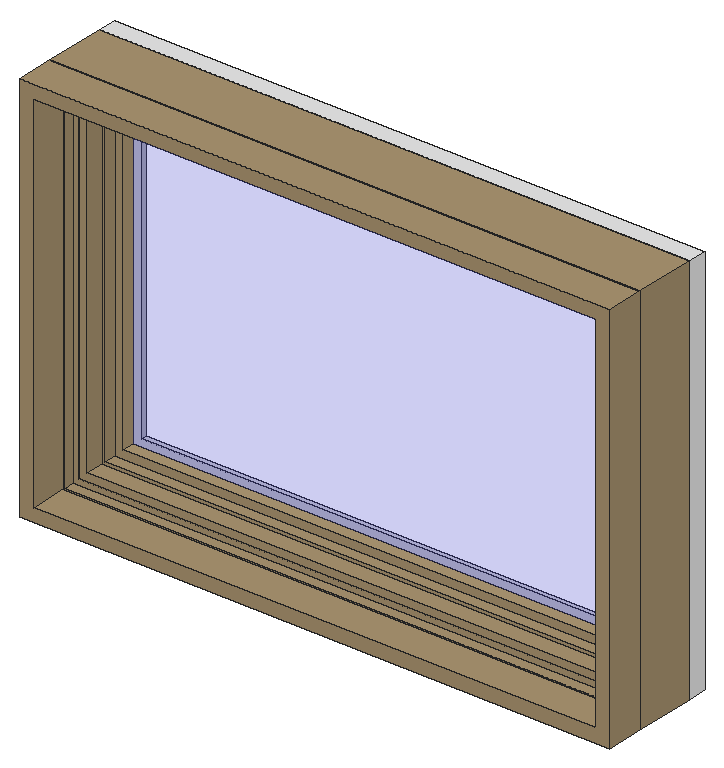
Revit family "Window-Awning-Pella-Architect-Contemporary-Vent-2", category Windows, host Wall, Revit 2013
Parameters (values of type "Awning No Grille")
  Warranty = "https://content.pella.com/cs/groups/public/documents/document/mdaw/mde3/~edisp/pel-017828.pdf?_ga=1.89380059.1797906072.1467308852"
  Wall Thickness [instance] = 0' - 6"
  Visual Light Transmittance = 0
  Vertical Grille Spacing = (Width - 0' 4 47/64") / (Vertical Mullions + 1)  # 0' - 10 27/64"
  Vertical Grille Offset = Vertical Grille Spacing  # 0' - 10 27/64"
  Traditional Grille Single Vertical = and(Traditional Lites Wide = 2, Traditional Grille)  # no
  Traditional Grille Single Horizontal = and(Traditional Lites High = 2, Traditional Grille)  # no
  Traditional Grille Array Vertical = and(Traditional Lites Wide > 2, Traditional Grille)  # no
  Traditional Grille = no
  Traditional Lites Wide = 2
  Nail Fin = yes
  Max Lites = 10  # constant formula
  Horizontal Mullions = if(and(Traditional Lites High < Max Lites, Traditional Lites High > 3), Traditional Lites High - 1, if(or(Traditional Lites High = Max Lites, Traditional Lites High > Max Lites), Max Lites - 1, 2))  # 2
  URL = "http://professional.pella.com"
  Type Comments = "Awning"  # constant formula
  Traditional Grille Array Horizontal = and(Traditional Lites High > 2, Traditional Grille)  # no
  Thermal Resistance (R) = 10.0000 (h·ft²·°F)/BTU
  Specification = "http://media.pella.com/professional/adm/Wood-CSI_Specs/08551.rtf"
  Solar Heat Gain Coefficient = 0
  Rough Width = Width + 0' 0 3/4"  # 3' - 0 3/4"
  Rough Height = Height + 0' 0 3/4"  # 2' - 0 3/4"
  Requested Height = 2' - 0"
  Product Page URL = "http://professional.pella.com/windows/product-details/awning-architect"
  Product Name = "Architect Series Contemporary"  # constant formula
  Product Documentation Link = "http://media.pella.com/professional/adm/Clad-Wood/AW_ASSZTAB.pdf"
  Prairie Offset = 0' - 3"  # constant formula
  Prairie Grille = no
  Operation = "Operable"  # constant formula
  Offset = 0' - 0"
  Mullions = 0' - 0 7/8"  # constant formula
  Model = "Awning Vent"  # constant formula
  Min Width = 1' - 5"  # constant formula
  Min Height = 1' - 5"  # constant formula
  Max Width = 4' - 5"  # constant formula
  Max Height = 2' - 5"  # constant formula
  Material = "Wood - Pine"  # constant formula
  Manufacturer = "Pella"  # constant formula
  Requested Width = 3' - 0"
  LEED = "http://professional.pella.com/support/leed"
  Jamb Extensions Depth [instance] = if(Jamb Extensions Calc > 0' 0 1/8", Jamb Extensions Calc, 0' 0 1/8")  # 0' - 2 9/32"
  Jamb Extensions Calc [instance] = if(Offset > 0' 0", Wall Thickness - 0' 3 23/32" + Offset, Wall Thickness - 0' 3 23/32" - Inset)  # 0' - 2 9/32"
  Jamb Extensions = yes
  Interior Finish = Wood-Pella-Pine
  Inset = 0' - 0"
  Horizontal Grille Spacing = (Height - 0' 4 47/64") / (Horizontal Mullions + 1)  # 0' - 6 27/64"
  Horizontal Grille Offset = Horizontal Grille Spacing  # 0' - 6 27/64"
  Traditional Lites High = 2
  Height = if(and(Requested Height < Max Height, Requested Height > Min Height), Requested Height, if(or(Requested Height = Max Height, Requested Height > Max Height), Max Height, Min Height))  # 2' - 0"
  Heat Transfer Coefficient (U) = 0.1000 BTU/(h·ft²·°F)
  Grille Width = Width - 0' 4 47/64"  # 2' - 7 17/64"
  Grille Height = Height - 0' 4 47/64"  # 1' - 7 17/64"
  Vertical Mullions = if(and(Traditional Lites Wide < Max Lites, Traditional Lites Wide > 2), Traditional Lites Wide - 1, if(or(Traditional Lites Wide = Max Lites, Traditional Lites Wide > Max Lites), Max Lites - 1, 2))  # 2
  Glazing = Glass-Pella-Low_E-Argon
  Glass Thickness = 0' - 0 11/16"  # constant formula
  Finish = Aluminum-Pella-EnduraClad-White
  Energy Star = "http://www.pella.com/features-options/energy-efficiency/energy-star/"
  Description = "Aluminum Clad Wood Window"  # constant formula
  Depth = 0' - 5 1/128"  # constant formula
  Default Sill Height = 3' - 0"  # constant formula
  Wall Closure = By host
  Width = if(and(Requested Width < Max Width, Requested Width > Min Width), Requested Width, if(or(Requested Width = Max Width, Requested Width > Max Width), Max Width, Min Width))  # 3' - 0"
  Cladding = "Aluminum"  # constant formula
  Assembly Code = "B2020130"
  Analytic Construction = "<None>"
Types (4): name | Visual Light Transmittance | Traditional Grille Single Vertical | Traditional Grille Single Horizontal | Traditional Grille | Thermal Resistance (R) | Solar Heat Gain Coefficient | Prairie Grille | Heat Transfer Coefficient (U) | Analytic Construction
  (no name) | 0 | no | no | no | 1.7611 m²·K/W | 0 | no | 0.56783 W/(m²·K) | "<None>"
  Awning Traditional Grille | 0.76 | yes | yes | yes | 2.8573 (h·ft²·°F)/BTU | 0.65 | no | 0.3500 BTU/(h·ft²·°F) | "Double glazing - 1/8 in thick - low-E/clear (e = 0.2) glass"
  Awning Prairie Grille | 0.76 | no | no | no | 2.8573 (h·ft²·°F)/BTU | 0.65 | yes | 0.3500 BTU/(h·ft²·°F) | "Double glazing - 1/8 in thick - low-E/clear (e = 0.2) glass"
  Awning No Grille | 0 | no | no | no | 10.0000 (h·ft²·°F)/BTU | 0 | no | 0.1000 BTU/(h·ft²·°F) | "<None>"
Reference planes (in)
  plane 1 "Center (Front/Back)": y = 0
  plane 2: z = 0
  plane 3 "Center (Left/Right)": x = 0
  plane 4 "Left": x = -18
  plane 5 "Right": x = 18
  plane 6 "Sill": z = 36
  plane 7 "Top": z = 60
  plane 8 "Nail Flange": y = 3
  plane 9 "Glass Front": y = 3.19273
  plane 10 "Glass Back": y = 2.50523
  plane 11 "Front": y = 4.2919
  plane 12 "Back": y = -0.71591
  plane 13 "Glass Bottom": z = 37.99998
  plane 14 "Glass Top": z = 58.00002
  plane 15 "Glass Left": x = -16.00002
  plane 16 "Glass Right": x = 16.00002
  plane 17 "Inset": y = 3
  plane 18 "Jamb Extension": y = -0.71875
  plane 19 "Grille Bottom": z = 38.36679
  plane 20: z = 57.63321
  plane 21: x = 15.63321
  plane 22: x = -15.63321
  plane 23 "Prarie Right": x = 12.63321
  plane 24 "Prarie Left": x = -12.63321
  plane 25 "Prarie Top": z = 54.63321
  plane 26 "Prarie Bottom": z = 41.36679
  plane 27 "Center (Elevation)": z = 48
Forms (in)
  Sweep 1, solid, material "Wood-Pella-Pine" <- "Interior Finish", detail levels medium+fine
    path origin (0, 3, 0) x (-1, 0, 0) y (0, 0, 1)
      loop
        line (-18, 36) -> (18, 36) -> (18, 60) -> (-18, 60) -> (-18, 36)
    profile origin (-18, 3, 48) x (1, 0, 0) y (0, 1, 0)
      loop
        line (0, -3.71591) -> (0.875, -3.71591) -> (0.875, -3.04312) -> (1.25, -3.04312) -> (1.25, -1.52632) -> (1.029, -1.52632) -> (1.029, -0.84457) -> (0.72995, -0.84457) -> (0.72995, 0.33204) -> (0.259, 0.33204) -> (0.259, 0.08771) -> (0, 0.08771) -> (0, -3.71591)
  Sweep 2, solid, material "Aluminum-Pella-EnduraClad-White" <- "Finish", detail levels medium+fine
    path origin (0, 3, 0) x (-1, 0, 0) y (0, 0, 1)
      loop
        line (-18, 36) -> (18, 36) -> (18, 60) -> (-18, 60) -> (-18, 36)
    profile origin (-18, 3, 48) x (1, 0, 0) y (0, 1, 0)
      loop
        line (0.72995, -0.35799) -> (0.814, -0.35799) -> (0.814, 0.08998) -> (0.76564, 0.64798) -> (0.76564, 1.2299) -> (0.57394, 1.2299) -> (0.36396, 1.2919) -> (0.197, 1.2919) -> (0.197, 0.9179) -> (0.09, 0.9179) -> (0.09, 1.24933) -> (0, 1.24933) -> (0, 0.0999) -> (0.259, 0.0999) -> (0.259, 0.33204) -> (0.72995, 0.33204) -> (0.72995, -0.35799)
      loop
        line (1.012, 0.30847) -> (1.88298, 0.30847) -> (1.88298, 0.19273) -> (2.45587, 0.19273) -> (2.36679, 0.63726) -> (1.012, 0.63726) -> (1.012, 0.30847)
  Extrusion 3, solid, material "Glass-Pella-Low_E-Argon" <- "Glazing"
    sketch origin (0, 0, 36) x (0, -1, 0) y (1, 0, 0)
      loop
        line (-2.50523, -16.00002) -> (-2.50523, 16.00002) -> (-3.19273, 16.00002) -> (-3.19273, -16.00002) -> (-2.50523, -16.00002)
    from 1.99998 to 22.00002
  Sweep 4, solid, material "Aluminum-Pella-EnduraClad-White" <- "Finish", detail levels coarse
    path origin (0, 3, 0) x (-1, 0, 0) y (0, 0, 1)
      loop
        line (-18, 36) -> (18, 36) -> (18, 60) -> (-18, 60) -> (-18, 36)
    profile origin (-18, 3, 48) x (1, 0, 0) y (0, 1, 0)
      loop
        line (0, 0) -> (2.46, 0) -> (2.46, 0.63726) -> (0.76564, 0.63726) -> (0.76564, 1.2919) -> (0, 1.2919) -> (0, 0)
  Sweep 5, solid, material "Wood-Pella-Pine" <- "Interior Finish", detail levels coarse
    path origin (0, 3, 0) x (-1, 0, 0) y (0, 0, 1)
      loop
        line (-18, 36) -> (18, 36) -> (18, 60) -> (-18, 60) -> (-18, 36)
    profile origin (-18, 3, 48) x (1, 0, 0) y (0, 1, 0)
      loop
        line (0, -3.71591) -> (1.719, -3.71591) -> (1.719, -1.11274) -> (2.46, -1.11274) -> (2.46, 0) -> (0, 0) -> (0, -3.71591)
  Sweep 6, solid, material "Wood-Pella-Pine" <- "Interior Finish", visible <- "Jamb Extensions"
    path origin (0, -0.71875, 0) x (-1, 0, 0) y (0, 0, 1)
      loop
        line (-18, 36) -> (18, 36) -> (18, 60) -> (-18, 60) -> (-18, 36)
    profile origin (-18, -0.71875, 48) x (1, 0, 0) y (0, 1, 0)
      loop
        line (0, -2.28125) -> (0.812, -2.28125) -> (0.812, 0) -> (0, 0) -> (0, -2.28125)
  Sweep 7, solid, material "Wood-Pella-Pine" <- "Interior Finish", detail levels medium+fine
    path origin (0, 2.50523, 0) x (-1, 0, 0) y (0, 0, 1)
      loop
        line (-18, 36) -> (18, 36) -> (18, 60) -> (-18, 60) -> (-18, 36)
    profile origin (-18, 2.50523, 48) x (1, 0, 0) y (0, 1, 0)
      loop
        line (1.25, 0.80325) -> (1.25, -2.54796) -> (1.719, -2.54796) -> (1.719, -1.40696) -> (1.875, -1.40696) -> (1.875, -0.61796) -> (2.344, -0.61796) -> (2.47535, 0) -> (1.88298, 0) -> (1.88298, 0.80325) -> (1.25, 0.80325)
Lines and regions (in)
  Opening 1
    outline origin (-60, -3, 0) x (1, 0, 0) y (0, 0, 1)
      loop
        line (42, 60) -> (42, 36) -> (78, 36) -> (78, 60) -> (42, 60)
  Masking region 1, detail levels coarse
    outline origin (0, 0, 36) x (0, -1, 0) y (1, 0, 0)
      loop
        line (-3.19273, -15.54) -> (-2.50523, -15.54) -> (-2.50523, 15.54) -> (-3.19273, 15.54) -> (-3.19273, -15.54)
  Masking region 2, detail levels coarse
    outline origin (0, 0, 0) x (0, 1, 0) y (0, 0, 1)
      loop
        line (3.19273, 38.46) -> (3.19273, 57.54) -> (2.50523, 57.54) -> (2.50523, 38.46) -> (3.19273, 38.46)
  Masking region 3, detail levels medium+fine
    outline origin (0, 0, 0) x (0, 1, 0) y (0, 0, 1)
      loop
        line (3.19273, 37.99998) -> (3.19273, 58.00002) -> (3.06773, 58.00002) -> (3.06773, 37.99998) -> (3.19273, 37.99998)
      loop
        line (2.63023, 37.99998) -> (2.63023, 58.00002) -> (2.50523, 58.00002) -> (2.50523, 37.99998) -> (2.63023, 37.99998)
  Masking region 4, detail levels medium+fine
    outline origin (0, 0, 36) x (0, -1, 0) y (1, 0, 0)
      loop
        line (-2.50523, -16.00002) -> (-2.50523, 16.00002) -> (-2.63023, 16.00002) -> (-2.63023, -16.00002) -> (-2.50523, -16.00002)
      loop
        line (-3.06773, -16.00002) -> (-3.06773, 16.00002) -> (-3.19273, 16.00002) -> (-3.19273, -16.00002) -> (-3.06773, -16.00002)
  Masking region 5, visible <- "Jamb Extensions"
    outline origin (0, 0, 48) x (1, 0, 0) y (0, 1, 0)
      loop
        line (-18, -3) -> (-17.188, -3) -> (-17.188, -0.71591) -> (-18, -0.71591) -> (-18, -3)
      loop
        line (17.188, -3) -> (18, -3) -> (18, -0.71591) -> (17.188, -0.71591) -> (17.188, -3)
  Masking region 6, visible <- "Jamb Extensions"
    outline origin (0, 0, 0) x (0, 1, 0) y (0, 0, 1)
      loop
        line (-0.71591, 36) -> (-0.71591, 36.812) -> (-3, 36.812) -> (-3, 36) -> (-0.71591, 36)
      loop
        line (-0.71591, 59.188) -> (-0.71591, 60) -> (-3, 60) -> (-3, 59.188) -> (-0.71591, 59.188)
  symbolic lines, style "Elevation Swing"
    curve 1: line (18, 4.2919, 36) -> (0, 4.2919, 60)
    curve 2: line (0, 4.2919, 60) -> (-18, 4.2919, 36)
Text (in)
  text "EXTERIOR" at (-58.6888, 50.90694, 0), in view "Ref. Level"
  text "INTERIOR" at (-58.6888, -37.76638, 0), in view "Ref. Level"
  text "Exterior" at (0, 43.65631, 123.19604), in view "Left"
  text "Exterior" at (0, 18.29385, 125.04747), in view "Right"
Dimensions and locks (in)
  equal spacing: plane 4 "Left", plane 3 "Center (Left/Right)", plane 5 "Right"
  "Width": plane 4 "Left" to plane 5 "Right"
  "Height": plane 6 "Sill" to plane 7 "Top"
  "Default Sill Height": plane 2 to plane 6 "Sill"
  locked: plane 9 "Glass Front" to plane 8 "Nail Flange" at 0.19273
  "Offset": plane 8 "Nail Flange" to plane 17 "Inset"
  locked: Masking region 1 sketch curve to plane 16 "Glass Right" at 0.46002
  locked: plane 15 "Glass Left" to Masking region 1 sketch curve at 0.46002
  locked: Masking region 2 sketch curve to plane 14 "Glass Top" at 0.46002
  locked: plane 13 "Glass Bottom" to Masking region 2 sketch curve at 0.46002
  locked: plane 9 "Glass Front" to Masking region 3 sketch curve at 0.125
  locked: Masking region 3 sketch curve to plane 10 "Glass Back" at 0.125
  locked: Masking region 4 sketch curve to plane 10 "Glass Back" at 0.125
  locked: plane 9 "Glass Front" to Masking region 4 sketch curve at 0.125
  locked: plane 11 "Front" to plane 8 "Nail Flange" at 1.2919
  "Depth": plane 11 "Front" to plane 12 "Back"
  plane 4 "Left" to Sweep 2 sketch curve to Sweep 2 sketch curve to Sweep 2 sketch curve to Sweep 2 sketch curve to Sweep 2 sketch curve to Sweep 2 sketch curve to Sweep 2 sketch curve to Sweep 2 sketch curve = 0' - 0.09" locked, 0' - 0.107" locked, 0' - 0.062" locked, 0' - 0.10496" locked, 0' - 0.20997" locked, 0' - 0.15601" locked, 0' - 0.0357" locked, 0' - 0.04836" locked
  plane 11 "Front" to Sweep 2 sketch curve to Sweep 2 sketch curve to Sweep 2 sketch curve to Sweep 2 sketch curve to Sweep 2 sketch curve to Sweep 2 sketch curve to Sweep 2 sketch curve to Sweep 2 sketch curve = 0' - 0.04257" locked, 0' - 0.01943" locked, 0' - 0.312" locked, 0' - 0.26992" locked, 0' - 0.31594" locked, 0' - 0.23214" locked, 0' - 0.00992" locked, 0' - 0.44797" locked
  locked: plane 6 "Sill" to plane 13 "Glass Bottom" at 1.99998
  locked: plane 7 "Top" to plane 14 "Glass Top" at 1.99998
  locked: plane 16 "Glass Right" to plane 5 "Right" at 1.99998
  locked: plane 4 "Left" to plane 15 "Glass Left" at 1.99998
  locked: Sweep 4 sketch curve to plane 8 "Nail Flange" at 0.63726
  plane 4 "Left" to Sweep 4 sketch curve to Sweep 4 sketch curve = 0' - 0 49/64" locked, 0' - 1.69436" locked
  locked: plane 8 "Nail Flange" to Sweep 5 sketch curve at 1.11274
  plane 4 "Left" to Sweep 5 sketch curve to Sweep 5 sketch curve = 0' - 1.719" locked, 0' - 0.741" locked
  "Inset": host wall to plane 17 "Inset"
  "Wall Thickness": host wall to host wall
  "Jamb Extensions Depth": host wall to plane 18 "Jamb Extension"
  locked: plane 4 "Left" to Sweep 6 sketch curve at 0.812
  locked: plane 20 to plane 7 "Top" at 2.36679
  locked: plane 6 "Sill" to plane 19 "Grille Bottom" at 2.36679
  locked: plane 5 "Right" to plane 21 at 2.36679
  locked: plane 4 "Left" to plane 22 at 2.36679
  "Prairie Offset": plane 19 "Grille Bottom" to plane 26 "Prarie Bottom"
  "Prairie Offset": plane 25 "Prarie Top" to plane 20
  "Prairie Offset": plane 21 to plane 23 "Prarie Right"
  "Prairie Offset": plane 24 "Prarie Left" to plane 22
  locked: nested 7 to plane 9 "Glass Front" at 0
  locked: nested 8 to plane 9 "Glass Front" at 0
  locked: plane 21 to nested 8 at 0.00237
  "Vertical Grille Offset": nested 9 to plane 21
  group 2 to group 1 = 0' - 10 27/64"
  group 1 to group 2 = 0' - 0"  (x2)
  "Vertical Grille Spacing": nested 10 to nested 9
  "Horizontal Grille Offset": plane 19 "Grille Bottom" to nested 11
  group 3 to group 4 = 0' - 0"  (x2)
  group 3 to group 4 = 0' - 6 27/64"
  "Horizontal Grille Spacing": nested 11 to nested 12
  locked: nested 12 to plane 21 at 0
  equal spacing: plane 6 "Sill", plane 27 "Center (Elevation)", plane 7 "Top"
  locked: nested 14 to plane 27 "Center (Elevation)"
  locked: plane 4 "Left" to Masking region 5 sketch curve at 0.812
  locked: Masking region 5 sketch curve to plane 5 "Right" at 0.812
  locked: Masking region 6 sketch curve to plane 7 "Top" at 0.812
  locked: plane 6 "Sill" to Masking region 6 sketch curve at 0.812
  "Glass Thickness": plane 9 "Glass Front" to plane 10 "Glass Back"
  Sweep 1 sketch curve to Sweep 1 sketch curve to Sweep 1 sketch curve to Sweep 1 sketch curve to Sweep 1 sketch curve to plane 18 "Jamb Extension" = 0' - 0.24433" locked, 0' - 0.93227" locked, 0' - 0.68175" locked, 0' - 1.5168" locked, 0' - 0.67563" locked
  plane 4 "Left" to Sweep 1 sketch curve to Sweep 1 sketch curve to Sweep 1 sketch curve to Sweep 1 sketch curve to Sweep 1 sketch curve = 0' - 0.259" locked, 0' - 0.47095" locked, 0' - 0.14505" locked, 0' - 0.154" locked, 0' - 0.221" locked
  Sweep 2 sketch curve to Sweep 2 sketch curve to plane 9 "Glass Front" = 0' - 0.32879" locked, 0' - 0.11575" locked
  Sweep 2 sketch curve to Sweep 2 sketch curve to plane 15 "Glass Left" to Sweep 2 sketch curve to Sweep 2 sketch curve = 0' - 0.87098" locked, 0' - 0.117" locked, 0' - 0.36681" locked, 0' - 0.08908" locked
  Sweep 7 sketch curve to plane 10 "Glass Back" to Sweep 7 sketch curve to Sweep 7 sketch curve to Sweep 7 sketch curve = 0' - 0.80325" locked, 0' - 0.61796" locked, 0' - 0.789" locked, 0' - 1.141" locked
  Sweep 7 sketch curve to Sweep 7 sketch curve to Sweep 7 sketch curve to Sweep 7 sketch curve to plane 15 "Glass Left" to Sweep 7 sketch curve to Sweep 7 sketch curve = 0' - 0.469" locked, 0' - 0.156" locked, 0' - 0.00798" locked, 0' - 0.117" locked, 0' - 0.34402" locked, 0' - 0.13135" locked
  aligned and locked: plane 7 "Top" to Opening 1 sketch curve
  aligned and locked: plane 6 "Sill" to Opening 1 sketch curve  (x2)
  aligned and locked: plane 5 "Right" to Opening 1 sketch curve
  aligned and locked: plane 4 "Left" to Opening 1 sketch curve
  aligned and locked: level to plane 2
  aligned and locked: nested 1 to plane 8 "Nail Flange"
  aligned and locked: nested 1 to plane 5 "Right"
  aligned and locked: plane 8 "Nail Flange" to nested 2
  aligned and locked: nested 2 to plane 4 "Left"
  aligned and locked: plane 8 "Nail Flange" to nested 3
  aligned and locked: nested 3 to plane 6 "Sill"
  aligned and locked: nested 4 to plane 8 "Nail Flange"
  aligned and locked: nested 4 to plane 7 "Top"
  aligned and locked: Masking region 1 sketch curve to plane 9 "Glass Front"
  aligned and locked: plane 10 "Glass Back" to Masking region 1 sketch curve
  aligned and locked: plane 10 "Glass Back" to Masking region 2 sketch curve
  aligned and locked: Masking region 2 sketch curve to plane 9 "Glass Front"
  aligned and locked: plane 10 "Glass Back" to Masking region 3 sketch curve
  aligned and locked: Masking region 3 sketch curve to plane 9 "Glass Front"
  aligned and locked: plane 9 "Glass Front" to Masking region 4 sketch curve
  aligned and locked: Masking region 4 sketch curve to plane 10 "Glass Back"
  aligned and locked: Sweep 1 sketch curve to plane 5 "Right"
  aligned and locked: plane 4 "Left" to Sweep 1 sketch curve  (x2)
  aligned and locked: Sweep 1 sketch curve to plane 7 "Top"
  aligned and locked: plane 6 "Sill" to Sweep 1 sketch curve
  aligned and locked: Sweep 1 sketch curve to plane 12 "Back"
  aligned and locked: Sweep 2 sketch curve to plane 5 "Right"
  aligned and locked: plane 4 "Left" to Sweep 2 sketch curve  (x2)
  aligned and locked: plane 6 "Sill" to Sweep 2 sketch curve
  aligned and locked: Sweep 2 sketch curve to plane 7 "Top"
  aligned and locked: plane 11 "Front" to Sweep 2 sketch curve
  aligned and locked: plane 10 "Glass Back" to Extrusion 3 sketch curve
  aligned and locked: Extrusion 3 sketch curve to plane 9 "Glass Front"
  aligned and locked: plane 15 "Glass Left" to Extrusion 3 sketch curve
  aligned and locked: plane 16 "Glass Right" to Extrusion 3 sketch curve
  aligned and locked: plane 15 "Glass Left" to Masking region 4 sketch curve  (x2)
  aligned and locked: plane 16 "Glass Right" to Masking region 4 sketch curve  (x2)
  aligned and locked: plane 13 "Glass Bottom" to Masking region 3 sketch curve  (x2)
  aligned and locked: Masking region 3 sketch curve to plane 14 "Glass Top"  (x2)
  aligned and locked: Extrusion 3 to plane 13 "Glass Bottom"
  aligned and locked: plane 14 "Glass Top" to Extrusion 3
  aligned and locked: plane 6 "Sill" to Sweep 4 sketch curve
  aligned and locked: Sweep 4 sketch curve to plane 5 "Right"
  aligned and locked: Sweep 4 sketch curve to plane 7 "Top"
  aligned and locked: plane 4 "Left" to Sweep 4 sketch curve  (x2)
  aligned and locked: plane 11 "Front" to Sweep 4 sketch curve
  aligned and locked: Sweep 4 sketch curve to plane 8 "Nail Flange"
  aligned and locked: plane 4 "Left" to Sweep 5 sketch curve  (x2)
  aligned and locked: Sweep 5 sketch curve to plane 5 "Right"
  aligned and locked: Sweep 5 sketch curve to plane 7 "Top"
  aligned and locked: plane 6 "Sill" to Sweep 5 sketch curve
  aligned and locked: Sweep 5 sketch curve to plane 12 "Back"
  aligned and locked: plane 8 "Nail Flange" to Sweep 5 sketch curve
  aligned and locked: Sweep 6 sketch curve to plane 5 "Right"
  aligned and locked: plane 4 "Left" to Sweep 6 sketch curve  (x2)
  aligned and locked: plane 6 "Sill" to Sweep 6 sketch curve
  aligned and locked: Sweep 6 sketch curve to plane 7 "Top"
  aligned and locked: plane 18 "Jamb Extension" to Sweep 6 sketch curve
  aligned and locked: host wall to Sweep 6 sketch curve
  aligned and locked: plane 9 "Glass Front" to nested 5
  aligned and locked: plane 23 "Prarie Right" to nested 5
  aligned and locked: plane 9 "Glass Front" to nested 6
  aligned and locked: plane 21 to nested 6
  aligned and locked: plane 26 "Prarie Bottom" to nested 6
  aligned and locked: plane 24 "Prarie Left" to nested 7
  aligned and locked: plane 25 "Prarie Top" to nested 8
  aligned and locked: plane 9 "Glass Front" to nested 9
  aligned and locked: plane 9 "Glass Front" to nested 10
  aligned and locked: plane 9 "Glass Front" to nested 11
  aligned and locked: plane 21 to nested 11
  aligned and locked: plane 9 "Glass Front" to nested 12
  aligned and locked: plane 9 "Glass Front" to nested 13
  aligned and locked: plane 3 "Center (Left/Right)" to nested 13
  aligned and locked: plane 9 "Glass Front" to nested 14
  aligned and locked: plane 21 to nested 14
  aligned and locked: plane 12 "Back" to Masking region 5 sketch curve  (x2)
  aligned and locked: host wall to Masking region 5 sketch curve  (x2)
  aligned and locked: plane 4 "Left" to Masking region 5 sketch curve
  aligned and locked: Masking region 5 sketch curve to plane 5 "Right"
  aligned and locked: Masking region 6 sketch curve to plane 6 "Sill"
  aligned and locked: Masking region 6 sketch curve to host wall  (x2)
  aligned and locked: Masking region 6 sketch curve to plane 12 "Back"  (x2)
  aligned and locked: plane 7 "Top" to Masking region 6 sketch curve
  aligned and locked: plane 9 "Glass Front" to Sweep 2 sketch curve
  aligned and locked: plane 6 "Sill" to Sweep 7 sketch curve
  aligned and locked: Sweep 7 sketch curve to plane 5 "Right"
  aligned and locked: Sweep 7 sketch curve to plane 7 "Top"
  aligned and locked: plane 4 "Left" to Sweep 7 sketch curve
  aligned and locked: Sweep 7 sketch curve to plane 10 "Glass Back"
  aligned and locked: plane 6 "Sill" to curve 2
  aligned and locked: plane 4 "Left" to curve 2
  aligned and locked: plane 6 "Sill" to curve 1
  aligned and locked: plane 5 "Right" to curve 1
  aligned and locked: plane 3 "Center (Left/Right)" to curve 1
  aligned and locked: plane 7 "Top" to curve 1
Nested families (in)
  nested 1: "Nested-Awning-Pella-Architect-Contemporary-Vent" at (18, 3, 36) x (0, -1, 0) z (0, 0, -1), type "Operator Jamb"
  nested 2: "Nested-Awning-Pella-Architect-Contemporary-Vent" at (-18, 3, 36) x (0, -1, 0) z (0, 0, -1), type "Vent Awning"
  nested 3: "Nested-Awning-Pella-Architect-Contemporary-Vent" at (0, 3, 36) x (0, -1, 0) z (1, 0, 0), type "Vent Awning Sill"
  nested 4: "Nested-Awning-Pella-Architect-Contemporary-Vent" at (0, 3, 60) x (0, -1, 0) z (1, 0, 0), type "Vent Awning"
  nested 5: "Nested-Mullion-Pella" at (12.63321, 2.84898, 38.36679), visible <- "Prairie Grille", type "Vertical Mullion"
    with Height 1' - 7 17/64", Glass Thickness 0' - 0 11/16", Depth 0' - 1 7/16"
  nested 6: "Nested-Mullion-Pella" at (0.00039, 2.84898, 40.92929), visible <- "Prairie Grille", type "Horizontal Mullion"
    with Width 2' - 7 17/64", Glass Thickness 0' - 0 11/16", Depth 0' - 1 7/16"
  nested 7: "Nested-Mullion-Pella" at (-12.63321, 2.84898, 38.36679), visible <- "Prairie Grille", type "Vertical Mullion"
    with Height 1' - 7 17/64", Glass Thickness 0' - 0 11/16", Depth 0' - 1 7/16"
  nested 8: "Nested-Mullion-Pella" at (-0.00198, 2.84898, 54.19571), visible <- "Prairie Grille", type "Horizontal Mullion"
    with Width 2' - 7 17/64", Glass Thickness 0' - 0 11/16", Depth 0' - 1 7/16"
  nested 9: "Nested-Mullion-Pella" at (5.21133, 2.84898, 38.36679), visible <- "Traditional Grille Array Vertical", type "Vertical Mullion"
    with Height 1' - 7 17/64", Glass Thickness 0' - 0 11/16", Depth 0' - 1 7/16"
  nested 10: "Nested-Mullion-Pella" at (-5.21054, 2.84898, 38.36679), visible <- "Traditional Grille Array Vertical", type "Vertical Mullion"
    with Height 1' - 7 17/64", Glass Thickness 0' - 0 11/16", Depth 0' - 1 7/16"
  nested 11: "Nested-Mullion-Pella" at (0.00039, 2.84898, 44.35117), visible <- "Traditional Grille Array Horizontal", type "Horizontal Mullion"
    with Width 2' - 7 17/64", Glass Thickness 0' - 0 11/16", Depth 0' - 1 7/16"
  nested 12: "Nested-Mullion-Pella" at (0.00039, 2.84898, 50.77304), visible <- "Traditional Grille Array Horizontal", type "Horizontal Mullion"
    with Width 2' - 7 17/64", Glass Thickness 0' - 0 11/16", Depth 0' - 1 7/16"
  nested 13: "Nested-Mullion-Pella" at (0, 2.84898, 38.36679), visible <- "Traditional Grille Single Vertical", type "Vertical Mullion"
    with Height 1' - 7 17/64", Glass Thickness 0' - 0 11/16", Depth 0' - 1 7/16"
  nested 14: "Nested-Mullion-Pella" at (0.00039, 2.84898, 47.5625), visible <- "Traditional Grille Single Horizontal", type "Horizontal Mullion"
    with Width 2' - 7 17/64", Glass Thickness 0' - 0 11/16", Depth 0' - 1 7/16"
Definition of nested family "Nested-Mullion-Pella"
  Parameters (values of type "Vertical Mullion")
    Width = 0' - 0 7/8"
    Vertical = yes
    URL = "http://www.pella.com/"
    Type Comments = "Mullion"  # constant formula
    Model = "Mullion for Pella Models"  # constant formula
    Manufacturer = "Pella"  # constant formula
    Interior Finish = Wood-Pella-Pine
    Horizontal = no
    Height = 1' - 8 49/64"
    Glass Thickness = 0' - 0 13/16"
    Finish = Aluminum-Pella-EnduraClad-White
    Description = "For use with Pella Models"  # constant formula
    Depth = Glass Thickness + 0' 0 3/4"  # 0' - 1 9/16"
    Default Elevation = 4' - 0"
  Types (2): name | Width | Vertical | Horizontal | Height
    Horizontal Mullion | 1' - 8 49/64" | no | yes | 0' - 0 7/8"
    Vertical Mullion | 0' - 0 7/8" | yes | no | 1' - 8 49/64"
  Reference planes (in)
    plane 1 "Center (Front/Back)": y = 0
    plane 2 "Bottom": z = 0
    plane 3 "Center (Left/Right)": x = 0
    plane 4 "Left": x = -0.4375
    plane 5 "Right": x = 0.4375
    plane 6 "Front": y = -0.78125
    plane 7 "Back": y = 0.78125
    plane 8 "Top": z = 20.76563
    plane 9 "Glass Back": y = 0.40625
    plane 10 "Glass Front": y = -0.40625
    plane 11 "Center (Elevation)": z = 10.38281
  Forms (in)
    Extrusion 1, solid, material "Aluminum-Pella-EnduraClad-White" <- "Finish", detail levels medium+fine
      sketch origin (0, 0, 0) x (1, 0, 0) y (0, 1, 0)
        loop
          line (-0.4375, 0.78125) -> (-0.4375, 0.40625) -> (0.4375, 0.40625) -> (0.4375, 0.78125) -> (-0.4375, 0.78125)
      from 0 to 20.76562
    Extrusion 2, solid, material "Wood-Pella-Pine" <- "Interior Finish", detail levels medium+fine
      sketch origin (0, 0, 0) x (1, 0, 0) y (0, 1, 0)
        loop
          line (-0.4375, -0.40625) -> (-0.4375, -0.78125) -> (0.4375, -0.78125) -> (0.4375, -0.40625) -> (-0.4375, -0.40625)
      from 0 to 20.76562
    Extrusion 3, solid, material "Foam-Pella-Dark_Grey", detail levels medium+fine
      sketch origin (0, 0, 0) x (1, 0, 0) y (0, 1, 0)
        loop
          line (-0.25, -0.28125) -> (0.25, -0.28125) -> (0.25, 0.28125) -> (-0.25, 0.28125) -> (-0.25, -0.28125)
      from 0 to 20.76562
  Lines and regions (in)
    model lines, visible <- "Vertical", detail levels coarse
      curve 1: line (0, -0.40625, 0) -> (0, -0.40625, 20.76563)
      curve 2: line (0, 0.40625, 0) -> (0, 0.40625, 20.76563)
    model lines, visible <- "Horizontal", detail levels coarse
      curve 3: line (-0.4375, 0.40625, 10.38281) -> (0.4375, 0.40625, 10.38281)
      curve 4: line (-0.4375, -0.40625, 10.38281) -> (0.4375, -0.40625, 10.38281)
  Dimensions and locks (in)
    equal spacing: plane 4 "Left", plane 3 "Center (Left/Right)", plane 5 "Right"
    "Width": plane 4 "Left" to plane 5 "Right"
    "Height": plane 8 "Top" to level
    equal spacing: plane 10 "Glass Front", plane 1 "Center (Front/Back)", plane 9 "Glass Back"
    "Glass Thickness": plane 10 "Glass Front" to plane 9 "Glass Back"
    equal spacing: plane 7 "Back", plane 1 "Center (Front/Back)", plane 6 "Front"
    "Depth": plane 7 "Back" to plane 6 "Front"
    equal spacing: plane 8 "Top", plane 11 "Center (Elevation)", level
    locked: plane 10 "Glass Front" to Extrusion 3 sketch curve at 0.125
    locked: plane 9 "Glass Back" to Extrusion 3 sketch curve at 0.125
    locked: plane 4 "Left" to Extrusion 3 sketch curve at 0.1875
    locked: Extrusion 3 sketch curve to plane 5 "Right" at 0.1875
    aligned and locked: plane 2 "Bottom" to level
    aligned and locked: plane 3 "Center (Left/Right)" to curve 1
    aligned and locked: plane 8 "Top" to curve 1
    aligned and locked: level to curve 1
    aligned and locked: curve 2 to plane 3 "Center (Left/Right)"
    aligned and locked: plane 8 "Top" to curve 2
    aligned and locked: level to curve 2
    aligned and locked: plane 5 "Right" to curve 3
    aligned and locked: plane 4 "Left" to curve 3
    aligned and locked: plane 11 "Center (Elevation)" to curve 3
    aligned and locked: curve 4 to plane 11 "Center (Elevation)"
    aligned and locked: plane 5 "Right" to curve 4
    aligned and locked: plane 4 "Left" to curve 4
    aligned and locked: plane 9 "Glass Back" to Extrusion 1 sketch curve
    aligned and locked: Extrusion 1 sketch curve to plane 7 "Back"
    aligned and locked: Extrusion 1 sketch curve to plane 4 "Left"
    aligned and locked: Extrusion 1 sketch curve to plane 5 "Right"
    aligned and locked: plane 6 "Front" to Extrusion 2 sketch curve
    aligned and locked: plane 10 "Glass Front" to Extrusion 2 sketch curve
    aligned and locked: Extrusion 2 sketch curve to plane 4 "Left"
    aligned and locked: Extrusion 2 sketch curve to plane 5 "Right"
    aligned and locked: plane 8 "Top" to Extrusion 2
    aligned and locked: Extrusion 2 to level
    aligned and locked: plane 8 "Top" to Extrusion 1
    aligned and locked: Extrusion 1 to level
    aligned and locked: Extrusion 3 to level
    aligned and locked: plane 8 "Top" to Extrusion 3
Definition of nested family "Nested-Awning-Pella-Architect-Contemporary-Vent"
  Parameters (values of type "Operator Jamb")
    Vent Jamb = not(Operator Jamb)  # no
    Type Comments = "For use with Pella Architect Series Models"  # constant formula
    Sill = no
    Operator Jamb = yes
    Nail Fin = yes
    Glass Thickness = 0' - 0 11/16"
    Assembly Code = "B2020130"
  Types (3): name | Vent Jamb | Sill | Operator Jamb
    Vent Awning | yes | no | no
    Vent Awning Sill | yes | yes | no
    Operator Jamb | no | no | yes
  Reference planes (in)
    plane 1 "Bottom Placement": y = 0
    plane 2: z = 0
    plane 3 "Center (Left/Right)": x = 0
    plane 4 "Back": x = 3.71496
    plane 5 "Front": x = -1.2919
    plane 6 "Glass Intersection": y = 1.99998
    plane 7 "Glass Front": x = -0.18976
    plane 8 "Glass Back": x = 0.49774
  Lines and regions (in)
    Filled region 1, type "Wood - Pella", in view "Ref. Level", detail levels medium+fine
      outline origin (0, 0, 0) x (1, 0, 0) y (0, 1, 0)
        loop
          line (3.15196, 0.081) -> (3.15196, 0) -> (3.71496, 0) -> (3.71496, 0.875) -> (3.04312, 0.875) -> (3.04312, 1.25) -> (2.90041, 1.25) -> (2.90041, 0.843) -> (2.38542, 0.843) -> (2.38542, 1.093) -> (1.839, 1.093) -> (1.839, 1.25) -> (1.52632, 1.25) -> (1.52632, 1.029) -> (0.84457, 1.029) -> (0.84457, 0.774) -> (0.38931, 0.774) -> (0.38931, 0.6938) -> (-0.08795, 0.6938) -> (-0.08795, 0.75022) -> (-0.15701, 0.75022) -> (-0.33204, 0.52355) -> (-0.33204, 0.422) -> (-0.14985, 0.259) -> (-0.09407, 0.259) -> (-0.09407, 0.313) -> (0.00845, 0.313) -> (0.00845, 0.081) -> (3.15196, 0.081)
    Filled region 2, type "Wood - Pella", in view "Ref. Level", detail levels medium+fine
      outline origin (0, 0, 0) x (1, 0, 0) y (0, 1, 0)
        loop
          line (1.11274, 1.25) -> (1.11274, 2.344) -> (0.49774, 2.47472) -> (0.49774, 2.222) -> (0.56674, 2.222) -> (0.56674, 1.88298) -> (-0.25656, 1.88298) -> (-0.25656, 1.796) -> (-0.38426, 1.796) -> (-0.38426, 1.866) -> (-0.57908, 1.81947) -> (-0.60226, 1.38) -> (-0.36742, 1.25) -> (-0.36742, 1.445) -> (-0.26481, 1.445) -> (-0.26481, 1.25) -> (-0.04026, 1.25) -> (-0.04026, 1.315) -> (0.47574, 1.315) -> (0.47574, 1.25) -> (1.11274, 1.25)
    Masking region 1, in view "Ref. Level", detail levels medium+fine
      outline origin (0, 0, 0) x (1, 0, 0) y (0, 1, 0)
        loop
          line (-1.1063, 0) -> (-1.04986, 0.02362) -> (-0.2799, 0.02362)
          arc (-0.2799, 0.02362) -> (-0.25144, 0.04367) -> (-0.25679, 0.07807) r 0.033
          line (-0.25679, 0.07807) -> (-0.24489, 0.214) -> (-0.1449, 0.214) -> (-0.1449, 0.07562)
          arc (-0.1449, 0.07562) -> (-0.14158, 0.03402) -> (-0.0999, 0.03196) r 0.03161
          line (-0.0999, 0.03196) -> (-0.0999, 0.20433) -> (-0.03496, 0.20433) -> (-0.03496, 0.29969) -> (-0.08183, 0.29969) -> (-0.08183, 0.259) -> (-0.28613, 0.259) -> (-0.30266, 0.07) -> (-0.8729, 0.07) -> (-0.8729, 0.242) -> (-1.2469, 0.242) -> (-1.2469, 0.35779) -> (-1.1849, 0.56776) -> (-1.1849, 0.71877) -> (-0.64595, 0.71877) -> (-0.08795, 0.76713) -> (-0.08795, 0.72995) -> (-0.05389, 0.72995) -> (0.01051, 0.76713) -> (0.35799, 0.76713) -> (0.35799, 0.814) -> (-0.08998, 0.814) -> (-0.64798, 0.76564) -> (-1.2299, 0.76564) -> (-1.2299, 0.57394) -> (-1.2919, 0.36396) -> (-1.2919, 0.197) -> (-0.9179, 0.197) -> (-0.9179, 0.09) -> (-1.20133, 0.09)
          arc (-1.20133, 0.09) -> (-1.24784, 0.0541) -> (-1.2249, 0) r 0.04809
          line (-1.2249, 0) -> (-1.1063, 0)
        loop
          line (-0.63726, 1.012) -> (-0.46027, 1.012) -> (-0.46027, 1.09838) -> (-0.56827, 1.18307) -> (-0.56827, 1.21875) -> (-0.30847, 1.21875) -> (-0.30847, 1.30814) -> (-0.33972, 1.30814) -> (-0.33972, 1.25) -> (-0.59952, 1.25) -> (-0.59952, 1.16786) -> (-0.49152, 1.08317) -> (-0.49152, 1.04325) -> (-0.60601, 1.04325) -> (-0.60601, 2.34118) -> (-0.29274, 2.40396) -> (-0.29274, 2.14689) -> (-0.58174, 1.95195) -> (-0.58174, 1.866) -> (-0.35538, 1.866) -> (-0.35538, 1.81889) -> (-0.32413, 1.81889) -> (-0.32413, 1.89725) -> (-0.55377, 1.89725) -> (-0.55377, 1.93312) -> (-0.26149, 2.13027) -> (-0.26149, 2.34654) -> (-0.19273, 2.34654) -> (-0.19273, 2.45587) -> (-0.63726, 2.36679) -> (-0.63726, 1.012)
    Masking region 2, in view "Ref. Level", visible <- "Nail Fin", detail levels fine
      outline origin (0, 0, 0) x (1, 0, 0) y (0, 1, 0)
        loop
          line (-0.14503, 0.08096) -> (-0.15471, 0.214) -> (-0.24621, 0.214) -> (-0.24621, -0.02866) -> (-0.03125, -0.02866) -> (-0.03125, -1.23276) -> (0, -1.23276) -> (0, 0.00259) -> (-0.21496, 0.00259) -> (-0.21496, 0.18191) -> (-0.18371, 0.18191) -> (-0.17636, 0.08096) -> (-0.14503, 0.08096)
    Masking region 3, in view "Ref. Level", detail levels coarse
      outline origin (0, 0, 0) x (1, 0, 0) y (0, 1, 0)
        loop
          line (-1.2919, 0) -> (3.71496, 0) -> (3.71496, 1.719) -> (1.11274, 1.719) -> (1.11274, 2.46) -> (-0.63726, 2.46) -> (-0.63726, 0.76564) -> (-1.2919, 0.76564) -> (-1.2919, 0)
    Masking region 4, in view "Ref. Level", visible <- "Sill", detail levels fine
      outline origin (0, 0, 0) x (1, 0, 0) y (0, 1, 0)
        loop
          line (3.04274, 1.2545) -> (3.71496, 1.2545) -> (3.71496, 1.5045) -> (3.04274, 1.5045) -> (3.04274, 1.2545)
    Filled region 3, type "Wood - Pella", in view "Ref. Level", visible <- "Operator Jamb", detail levels medium+fine
      outline origin (0, 0, 0) x (1, 0, 0) y (0, 1, 0)
        loop
          line (1.15475, 2.21825) -> (1.15475, 1.49725) -> (1.25379, 1.49725) -> (1.25379, 1.179) -> (1.34123, 1.179) -> (1.34123, 1.25) -> (1.8639, 1.25) -> (1.8639, 1.177) -> (2.87948, 1.177) -> (2.87948, 1.2545) -> (3.04274, 1.2545) -> (3.04274, 1.73332) -> (2.86372, 1.95439) -> (2.39653, 2.06225) -> (1.89653, 2.06225) -> (1.89653, 2.21825) -> (1.15475, 2.21825)
    Filled region 4, type "Wood - Pella", in view "Ref. Level", visible <- "Vent Jamb", detail levels medium+fine
      outline origin (0, 0, 0) x (1, 0, 0) y (0, 1, 0)
        loop
          line (1.15174, 1.875) -> (1.12294, 1.49725) -> (1.25379, 1.49725) -> (1.25379, 1.179) -> (1.34123, 1.179) -> (1.34123, 1.25) -> (1.8639, 1.25) -> (1.8639, 1.177) -> (2.24984, 1.177) -> (2.24984, 1.45229) -> (2.37991, 1.45229) -> (2.37991, 1.177) -> (2.87948, 1.177) -> (2.87948, 1.2545) -> (3.04274, 1.2545) -> (3.04274, 1.719) -> (1.90174, 1.719) -> (1.90174, 1.875) -> (1.15174, 1.875)
  Dimensions and locks (in)
    locked: plane 5 "Front" to plane 3 "Center (Left/Right)" at 1.2919
    locked: plane 3 "Center (Left/Right)" to plane 4 "Back" at 3.71496
    locked: plane 7 "Glass Front" to plane 3 "Center (Left/Right)" at 0.18976
    "Glass Thickness": plane 7 "Glass Front" to plane 8 "Glass Back"
    plane 1 "Bottom Placement" to Masking region 1 sketch curve to Masking region 1 sketch curve to Masking region 1 sketch curve to Masking region 1 sketch curve to Masking region 1 sketch curve to Masking region 1 sketch curve to Masking region 1 sketch curve to Masking region 1 sketch curve to Masking region 1 sketch curve to Masking region 1 sketch curve to Masking region 1 sketch curve to Masking region 1 sketch curve to Masking region 1 sketch curve to Masking region 1 sketch curve to Masking region 1 sketch curve to Masking region 1 sketch curve to Masking region 1 sketch curve to Masking region 1 sketch curve to Masking region 1 sketch curve to Masking region 1 sketch curve to Masking region 1 sketch curve to Masking region 1 sketch curve to Masking region 1 sketch curve to Masking region 1 sketch curve to Masking region 1 sketch curve = 0' - 0.02362" locked, 0' - 0.00148" locked, 0' - 0.00687" locked, 0' - 0.00995" locked, 0' - 0.01465" locked, 0' - 0.01344" locked, 0' - 0.00562" locked, 0' - 0.00244" locked, 0' - 0.01193" locked, 0' - 0.107" locked, 0' - 0.00733" locked, 0' - 0.00967" locked, 0' - 0.028" locked, 0' - 0.017" locked, 0' - 0.04069" locked, 0' - 0.0581" locked, 0' - 0.00617" locked, 0' - 0.2038" locked, 0' - 0.00617" locked, 0' - 0.14483" locked, 0' - 0.01118" locked, 0' - 0.0357" locked, 0' - 0.00148" locked, 0' - 0" locked, 0' - 0 3/64" locked
    plane 5 "Front" to Masking region 1 sketch curve to Masking region 1 sketch curve to Masking region 1 sketch curve to Masking region 1 sketch curve to Masking region 1 sketch curve to Masking region 1 sketch curve to Masking region 1 sketch curve to Masking region 1 sketch curve to Masking region 1 sketch curve to Masking region 1 sketch curve to Masking region 1 sketch curve to Masking region 1 sketch curve to Masking region 1 sketch curve to Masking region 1 sketch curve to Masking region 1 sketch curve to Masking region 1 sketch curve to Masking region 1 sketch curve to Masking region 1 sketch curve to Masking region 1 sketch curve to Masking region 1 sketch curve to Masking region 1 sketch curve to Masking region 1 sketch curve to Masking region 1 sketch curve to Masking region 1 sketch curve to Masking region 1 sketch curve to Masking region 1 sketch curve to Masking region 1 sketch curve to Masking region 1 sketch curve = 0' - 0.04249" locked, 0' - 0.00251" locked, 0' - 0.017" locked, 0' - 0.005" locked, 0' - 0.02357" locked, 0' - 0.01643" locked, 0' - 0.0786" locked, 0' - 0.05644" locked, 0' - 0.13196" locked, 0' - 0.045" locked, 0' - 0.22492" locked, 0' - 0.00203" locked, 0' - 0.34328" locked, 0' - 0.01654" locked, 0' - 0.00431" locked, 0' - 0.00192" locked, 0' - 0.02311" locked, 0' - 0.01189" locked, 0' - 0.1" locked, 0' - 0.02533" locked, 0' - 0.01967" locked, 0' - 0.00992" locked, 0' - 0.00203" locked, 0' - 0.00612" locked, 0' - 0.02794" locked, 0' - 0.01893" locked, 0' - 0.04547" locked, 0' - 0.34748" locked
    Masking region 2 sketch curve to Masking region 2 sketch curve to plane 1 "Bottom Placement" to Masking region 2 sketch curve to Masking region 2 sketch curve to Masking region 2 sketch curve to Masking region 2 sketch curve = 0' - 1.2041" locked, 0' - 0.02866" locked, 0' - 0.00259" locked, 0' - 0.07836" locked, 0' - 0.10096" locked, 0' - 0.03209" locked
    Masking region 2 sketch curve to Masking region 2 sketch curve to Masking region 2 sketch curve to Masking region 2 sketch curve to Masking region 2 sketch curve to Masking region 2 sketch curve to Masking region 2 sketch curve to plane 3 "Center (Left/Right)" = 0' - 0 1/32" locked, 0' - 0 1/32" locked, 0' - 0.00735" locked, 0' - 0.02165" locked, 0' - 0.00968" locked, 0' - 0.11378" locked, 0' - 0 1/32" locked
    plane 1 "Bottom Placement" to Masking region 3 sketch curve to Masking region 3 sketch curve to Masking region 3 sketch curve = 0' - 0 49/64" locked, 0' - 0.95336" locked, 0' - 0.741" locked
    locked: Masking region 3 sketch curve to plane 7 "Glass Front" at 0.4475
    locked: plane 8 "Glass Back" to Masking region 3 sketch curve at 0.615
    Masking region 1 sketch curve to Masking region 1 sketch curve to Masking region 1 sketch curve to Masking region 1 sketch curve to Masking region 1 sketch curve to Masking region 1 sketch curve to Masking region 1 sketch curve to Masking region 1 sketch curve to Masking region 1 sketch curve to Masking region 1 sketch curve to Masking region 1 sketch curve to Masking region 1 sketch curve to Masking region 1 sketch curve to Masking region 1 sketch curve to Masking region 1 sketch curve to plane 7 "Glass Front" = 0' - 0 1/32" locked, 0' - 0.0065" locked, 0' - 0.01778" locked, 0' - 0.01347" locked, 0' - 0.0145" locked, 0' - 0.06225" locked, 0' - 0 1/32" locked, 0' - 0.1049" locked, 0' - 0.01565" locked, 0' - 0.0156" locked, 0' - 0.01565" locked, 0' - 0.01574" locked, 0' - 0 1/32" locked, 0' - 0.06876" locked, 0' - 0.00296" locked
    Masking region 1 sketch curve to Masking region 1 sketch curve to Masking region 1 sketch curve to Masking region 1 sketch curve to Masking region 1 sketch curve to Masking region 1 sketch curve to Masking region 1 sketch curve to Masking region 1 sketch curve to Masking region 1 sketch curve to Masking region 1 sketch curve to Masking region 1 sketch curve to Masking region 1 sketch curve to Masking region 1 sketch curve to Masking region 1 sketch curve to plane 6 "Glass Intersection" to Masking region 1 sketch curve to Masking region 1 sketch curve to Masking region 1 sketch curve to Masking region 1 sketch curve to Masking region 1 sketch curve to Masking region 1 sketch curve to Masking region 1 sketch curve = 0' - 0 1/32" locked, 0' - 0.03992" locked, 0' - 0.01521" locked, 0' - 0.06948" locked, 0' - 0.01521" locked, 0' - 0.03568" locked, 0' - 0 1/32" locked, 0' - 0.05814" locked, 0' - 0.51076" locked, 0' - 0.04711" locked, 0' - 0 1/32" locked, 0' - 0.03587" locked, 0' - 0.01883" locked, 0' - 0.04803" locked, 0' - 0.13029" locked, 0' - 0.01662" locked, 0' - 0.1943" locked, 0' - 0.00535" locked, 0' - 0.02026" locked, 0' - 0.03716" locked, 0' - 0.05191" locked
    locked: plane 6 "Glass Intersection" to plane 1 "Bottom Placement" at 1.99998
    Filled region 2 sketch curve to Filled region 2 sketch curve to Filled region 2 sketch curve to plane 6 "Glass Intersection" to Filled region 2 sketch curve to Filled region 2 sketch curve to Filled region 2 sketch curve to Filled region 2 sketch curve to Filled region 2 sketch curve to Filled region 2 sketch curve to Filled region 2 sketch curve to Filled region 2 sketch curve to Filled region 2 sketch curve to Filled region 2 sketch curve = 0' - 0.13072" locked, 0' - 0.122" locked, 0' - 0.22202" locked, 0' - 0.117" locked, 0' - 0.01698" locked, 0' - 0.04653" locked, 0' - 0.02347" locked, 0' - 0.351" locked, 0' - 0.065" locked, 0' - 0.065" locked, 0' - 0.065" locked, 0' - 0" locked, 0' - 0" locked
    Filled region 2 sketch curve to Filled region 2 sketch curve to Filled region 2 sketch curve to Filled region 2 sketch curve to Filled region 2 sketch curve to Filled region 2 sketch curve to Filled region 2 sketch curve to Filled region 2 sketch curve to plane 8 "Glass Back" to Filled region 2 sketch curve to Filled region 2 sketch curve to Filled region 2 sketch curve = 0' - 0.02318" locked, 0' - 0.19482" locked, 0' - 0.01685" locked, 0' - 0.1026" locked, 0' - 0.00826" locked, 0' - 0.21629" locked, 0' - 0.516" locked, 0' - 0.022" locked, 0' - 0" locked, 0' - 0.069" locked, 0' - 0.546" locked
    plane 1 "Bottom Placement" to Filled region 1 sketch curve to Filled region 1 sketch curve to Filled region 1 sketch curve to Filled region 1 sketch curve to Filled region 1 sketch curve to Filled region 1 sketch curve to Filled region 1 sketch curve to Filled region 1 sketch curve to Filled region 1 sketch curve to Filled region 1 sketch curve to Filled region 1 sketch curve to Filled region 1 sketch curve to Filled region 1 sketch curve to Filled region 1 sketch curve = 0' - 0.081" locked, 0' - 0.178" locked, 0' - 0.054" locked, 0' - 0.109" locked, 0' - 0 13/128" locked, 0' - 0.17025" locked, 0' - 0.05642" locked, 0' - 0.02378" locked, 0' - 0.069" locked, 0' - 0.032" locked, 0' - 0.154" locked, 0' - 0.064" locked, 0' - 0.157" locked, 0' - 0" locked
    Filled region 1 sketch curve to Filled region 1 sketch curve to Filled region 1 sketch curve to Filled region 1 sketch curve to Filled region 1 sketch curve to Filled region 1 sketch curve to Filled region 1 sketch curve to Filled region 1 sketch curve to Filled region 1 sketch curve to Filled region 1 sketch curve to Filled region 1 sketch curve to Filled region 1 sketch curve to Filled region 1 sketch curve to Filled region 1 sketch curve to plane 4 "Back" = 0' - 0.17502" locked, 0' - 0.00716" locked, 0' - 0.05578" locked, 0' - 0.00613" locked, 0' - 0.0964" locked, 0' - 0.38086" locked, 0' - 0.45526" locked, 0' - 0.68175" locked, 0' - 0.31268" locked, 0' - 0.54642" locked, 0' - 0.51499" locked, 0' - 0.14271" locked, 0' - 0.10884" locked, 0' - 0.563" locked
    locked: Masking region 4 sketch curve to plane 4 "Back" at 0.67222
    plane 1 "Bottom Placement" to Masking region 4 sketch curve to Masking region 4 sketch curve = 0' - 1.2545" locked, 0' - 0 1/4" locked
    plane 8 "Glass Back" to Filled region 3 sketch curve to Filled region 3 sketch curve to Filled region 3 sketch curve to Filled region 3 sketch curve to Filled region 3 sketch curve to Filled region 3 sketch curve to Filled region 3 sketch curve to Filled region 3 sketch curve to Filled region 3 sketch curve = 0' - 0.65702" locked, 0' - 0.09904" locked, 0' - 0.08744" locked, 0' - 0.52267" locked, 0' - 0.03263" locked, 0' - 0 1/2" locked, 0' - 0.46719" locked, 0' - 0.01576" locked, 0' - 0.16326" locked
    plane 1 "Bottom Placement" to Filled region 3 sketch curve to Filled region 3 sketch curve to Filled region 3 sketch curve to Filled region 3 sketch curve to Filled region 3 sketch curve to Filled region 3 sketch curve to Filled region 3 sketch curve to Filled region 3 sketch curve to Filled region 3 sketch curve = 0' - 1.177" locked, 0' - 0.002" locked, 0' - 0.071" locked, 0' - 0.0045" locked, 0' - 0.24275" locked, 0' - 0.23608" locked, 0' - 0.22107" locked, 0' - 0.10786" locked, 0' - 0.156" locked
    plane 1 "Bottom Placement" to Filled region 4 sketch curve to Filled region 4 sketch curve to Filled region 4 sketch curve to Filled region 4 sketch curve to Filled region 4 sketch curve to Filled region 4 sketch curve to Filled region 4 sketch curve to Filled region 4 sketch curve to Filled region 4 sketch curve = 0' - 1.177" locked, 0' - 0" locked, 0' - 0.002" locked, 0' - 0.071" locked, 0' - 0.0045" locked, 0' - 0.19779" locked, 0' - 0.04496" locked, 0' - 0.22175" locked, 0' - 0.156" locked
    aligned and locked: plane 1 "Bottom Placement" to Filled region 1 sketch curve
    aligned and locked: Filled region 1 sketch curve to plane 4 "Back"
    aligned and locked: Masking region 1 sketch curve to plane 1 "Bottom Placement"
    aligned and locked: Masking region 1 sketch curve to plane 5 "Front"
    aligned and locked: Masking region 2 sketch curve to plane 3 "Center (Left/Right)"
    aligned and locked: plane 1 "Bottom Placement" to Masking region 3 sketch curve
    aligned and locked: Masking region 3 sketch curve to plane 4 "Back"
    aligned and locked: plane 5 "Front" to Masking region 3 sketch curve
    aligned and locked: Masking region 4 sketch curve to plane 4 "Back"
  Automatic sketch dimensions
    plane 4 "Back" to Filled region 4 sketch curve = 0' - 2.59202"
    Filled region 4 sketch curve to Filled region 4 sketch curve = 0' - 0.0288"
    Filled region 4 sketch curve to Filled region 4 sketch curve = 0' - 0.13085"
    Filled region 4 sketch curve to Filled region 4 sketch curve = 0' - 0.08744"
    Filled region 4 sketch curve to Filled region 4 sketch curve = 0' - 0.52267"
    Filled region 4 sketch curve to Filled region 4 sketch curve = 0' - 0.03783"
    Filled region 4 sketch curve to Filled region 4 sketch curve = 0' - 0.38594"
    Filled region 4 sketch curve to Filled region 4 sketch curve = 0' - 0.13007"
    Filled region 4 sketch curve to Filled region 4 sketch curve = 0' - 0.49957"
    Filled region 4 sketch curve to Filled region 4 sketch curve = 0' - 0.16326"
